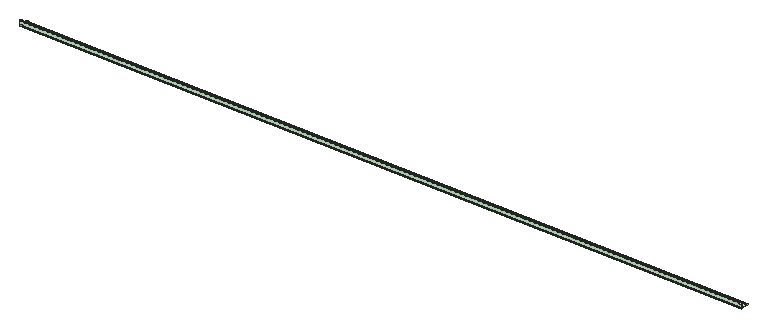
Revit family "el3520", category 機械設備, Revit 2022
Family settings
  丸型コネクタ寸法 = 直径を使用
  種別 = なし
  パーツ タイプ = 標準
  作業面ベース = いいえ
  常に垂直 = はい
  ロード時にボイドで切り取り = いいえ
  注釈の向きを維持 = いいえ
  共有 = いいえ
  部屋計算ポイント = いいえ
Parameters
  製造元 = "株式会社桐井製作所"
  既定の高さ = 0 mm
  URL = "https://www.kirii.co.jp/"
  K_長さ(mm) = 3200 mm
  K_板厚(mm) = 0.6 mm
  K_材質 = "カラー鋼板"
  K_品名 = "eL3520"
  K_名称 = "システム天井見切り"
  K_入数 = "25"
  K_バージョン情報 = "20220411"
Reference planes
  plane 1 "中心(正面/背面)": y = 0
  plane 2: z = 0
  plane 3 "中心(左/右)": x = 0
  plane 4: x = 3200
Forms (mm)
  Extrusion 1, solid
    sketch origin (0, 0, 0) x (0, 1, 0) y (0, 0, 1)
      loop
        line (1.8, 18.8) -> (1.8, 17.477) -> (2.4, 17.999) -> (2.4, 18.8)
        arc (2.4, 18.8) -> (1.2, 20) -> (0, 18.8) r 1.2
        line (0, 18.8) -> (0, 1.2)
        arc (0, 1.2) -> (0.351, 0.351) -> (1.2, 0) r 1.2
        line (1.2, 0) -> (33.8, 0)
        arc (33.8, 0) -> (35, 1.2) -> (33.8, 2.4) r 1.2
        line (33.8, 2.4) -> (32.948, 2.4) -> (32.426, 1.8) -> (33.8, 1.8)
        arc (33.8, 1.8) -> (34.4, 1.2) -> (33.8, 0.6) r 0.6
        line (33.8, 0.6) -> (1.2, 0.6)
        arc (1.2, 0.6) -> (0.776, 0.776) -> (0.6, 1.2) r 0.6
        line (0.6, 1.2) -> (0.6, 18.8)
        arc (0.6, 18.8) -> (1.2, 19.4) -> (1.8, 18.8) r 0.6
    from 0 to 3200
Dimensions and locks
  "K_長さ(mm)": plane 4 to plane 3 "中心(左/右)"
  aligned and locked: level to plane 2
  aligned and locked: plane 4 to Extrusion 1
Automatic sketch dimensions
  Extrusion 1 sketch curve to Extrusion 1 sketch curve = 0 mm  (x6)
  Extrusion 1 sketch curve to plane 1 "中心(正面/背面)" = 0 mm
  Extrusion 1 sketch curve to level = 0 mm
  Extrusion 1 sketch curve to plane 1 "中心(正面/背面)" = 0.6 mm
  Extrusion 1 sketch curve to Extrusion 1 sketch curve = 0.6 mm  (x2)
  Extrusion 1 sketch curve to Extrusion 1 sketch curve = 31.748 mm
  Extrusion 1 sketch curve to Extrusion 1 sketch curve = 0.852 mm
  Extrusion 1 sketch curve to Extrusion 1 sketch curve = 16.277 mm
  Extrusion 1 sketch curve to Extrusion 1 sketch curve = 0.522 mm  (x2)
  Extrusion 1 sketch curve to Extrusion 1 sketch curve = 0.801 mm
  level to Extrusion 1 sketch curve = 1.8 mm
